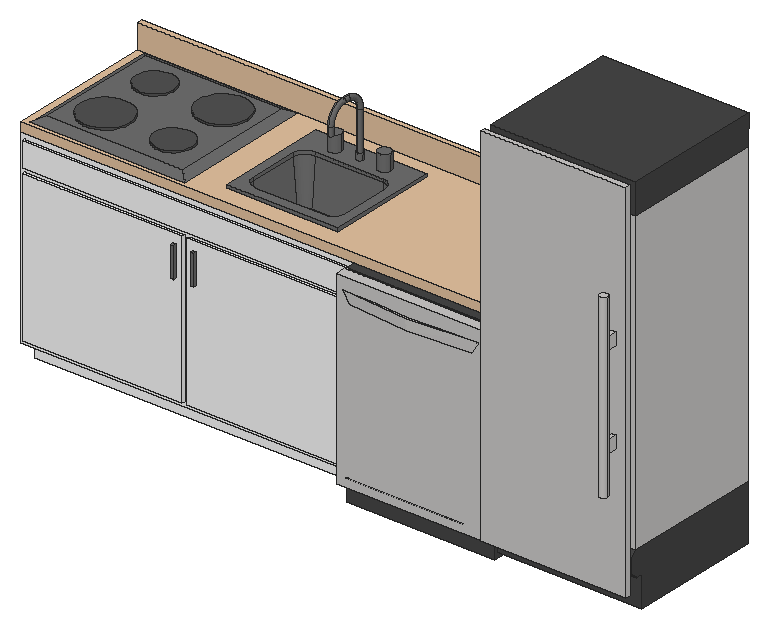
Revit family "Kitchenette - Medium", category Specialty Equipment, Revit 2023
Family settings
  Round Connector Dimension = Use Diameter
  Part Type = Normal
  OmniClass Number = 23.40.35.17.47.11
  OmniClass Title = Kitchen Casework
  Work Plane-Based = No
  Enable Cutting in Views = No
  Always vertical = Yes
  Cut with Voids When Loaded = No
  Maintain Annotation Orientation = No
  Shared = Yes
  Room Calculation Point = No
Parameters
  Sink Opening Depth = 1' - 2"
  Sink Location To Wall = 0' - 6"
  Sink Location = 3' - 4"
  Default Elevation = 0' - 0"
  Counter Thickness = 0' - 1 1/2"
  Counter Length = 6' - 6"
  Cabinet Width = 4' - 6"
  Cabinet Height = 2' - 10"
  Cabinet Depth = 2' - 0 1/2"
  Assembly Code = "E1090400"
  Cabinet Material = Cabinets
  Door/Drawer Material = Cabinets
  Handle Material = Cabinets - Handles
  Toe Depth = 0' - 3"
  Toe Height = 0' - 3 1/2"
Reference planes (in)
  plane 1 "Back": y = 0
  plane 2: z = 0
  plane 3 "Center": x = 0.7377
  plane 4 "Left": x = -26.2623
  plane 5 "Right": x = 27.7377
  plane 6 "Front": y = -24.5
  plane 7 "Top": z = 34
  plane 8: y = -21.5
  plane 9: z = 3.5
  plane 10: z = 33.25
  plane 11: z = 4.25
  plane 12: x = -25.5123
  plane 13: x = 26.9877
  plane 14: z = 29.25
  plane 15: z = 28.5
  plane 16: z = 27
  plane 17: z = 23
  plane 18: x = -0.6373
  plane 19: x = -1.1373
  plane 20: x = 0.3627
  plane 21: x = 1.1127
  plane 22: x = 2.1127
  plane 23: x = 2.6127
  plane 24: x = 51.7377
  plane 25: y = -25.5
  plane 26: y = -12.25
  plane 27: x = -12.7623
  plane 28: y = -6
  plane 29: y = -20
  plane 30: x = 13.7377
  plane 31: z = 35.5
Forms (in)
  Extrusion 1, solid, material "Cabinets" <- "Cabinet Material"
    sketch origin (0, 0, 0) x (1, 0, 0) y (0, 1, 0)
      loop
        line (-26.2623, 0) -> (-26.2623, -21.5) -> (27.7377, -21.5) -> (27.7377, 0) -> (-26.2623, 0)
    from 0 to 3.5
  Sweep 2, solid, material "Cabinets" <- "Cabinet Material"
    path origin (0, 0, 0) x (1, 0, 0) y (0, 1, 0)
      loop
        line (27.7377, 0) -> (-26.2623, 0) -> (-26.2623, -24.5) -> (27.7377, -24.5) -> (27.7377, 0)
    profile origin (0, -12.25, 0) x (1, 0, 0) y (0, 0, 1)
      loop
        line (27.7377, 3.5) -> (27.7377, 34) -> (26.9877, 34) -> (26.9877, 3.5) -> (27.7377, 3.5)
  Extrusion 3, solid, material "Cabinets" <- "Cabinet Material"
    sketch origin (0, 0, 0) x (1, 0, 0) y (0, 1, 0)
      loop
        line (-25.5123, -0.75) -> (-25.5123, -23.75) -> (26.9877, -23.75) -> (26.9877, -0.75) -> (-25.5123, -0.75)
    from 4.25 to 3.5
  Extrusion 4, solid, material "Cabinets" <- "Door/Drawer Material"
    sketch origin (0, -24.5, 0) x (1, 0, 0) y (0, 0, 1)
      loop
        line (-25.5123, 28.5) -> (-25.5123, 4.25) -> (0.3627, 4.25) -> (0.3627, 28.5) -> (-25.5123, 28.5)
      loop
        line (1.1127, 28.5) -> (1.1127, 4.25) -> (26.9877, 4.25) -> (26.9877, 28.5) -> (1.1127, 28.5)
      loop
        line (-25.5123, 33.25) -> (-25.5123, 29.25) -> (26.9877, 29.25) -> (26.9877, 33.25) -> (-25.5123, 33.25)
    from 0 to 0.5
  Extrusion 5, solid, material "Cabinets - Handles" <- "Handle Material"
    sketch origin (0, -24.5, 0) x (1, 0, 0) y (0, 0, 1)
      loop
        line (-1.1373, 27) -> (-1.1373, 22.08937) -> (-0.6373, 22.08937) -> (-0.6373, 27) -> (-1.1373, 27)
      loop
        line (2.1127, 27) -> (2.1127, 22.08937) -> (2.6127, 22.08937) -> (2.6127, 27) -> (2.1127, 27)
    from 0.5 to 1
Cuts and joins
  joined: Extrusion 1, Sweep 2
Lines and regions (in)
  model lines
    curve 1: line (26.9877, -24.5, 29.25) -> (-25.5123, -24.5, 29.25)
    curve 2: line (26.9877, -24.5, 33.25) -> (26.9877, -24.5, 29.25)
    curve 3: line (-25.5123, -24.5, 33.25) -> (26.9877, -24.5, 33.25)
    curve 4: line (-25.5123, -24.5, 29.25) -> (-25.5123, -24.5, 33.25)
    curve 5: line (26.9877, -24.5, 4.25) -> (1.1127, -24.5, 4.25)
    curve 6: line (26.9877, -24.5, 28.5) -> (26.9877, -24.5, 4.25)
    curve 7: line (-25.5123, -24.5, 28.5) -> (0.3627, -24.5, 28.5)
    curve 8: line (-25.5123, -24.5, 4.25) -> (-25.5123, -24.5, 28.5)
    curve 9: line (-1.1373, -24.5, 27) -> (-0.6373, -24.5, 27)
    curve 10: line (-1.1373, -24.5, 23) -> (-1.1373, -24.5, 27)
    curve 11: line (-0.6373, -24.5, 23) -> (-1.1373, -24.5, 23)
    curve 12: line (-0.6373, -24.5, 27) -> (-0.6373, -24.5, 23)
    curve 13: line (1.1127, -24.5, 4.25) -> (1.1127, -24.5, 28.5)
    curve 14: line (0.3627, -24.5, 4.25) -> (0.3627, -24.5, 28.5)
    curve 15: line (2.6127, -24.5, 27) -> (2.1127, -24.5, 27)
    curve 16: line (2.6127, -24.5, 23) -> (2.6127, -24.5, 27)
    curve 17: line (2.1127, -24.5, 23) -> (2.6127, -24.5, 23)
    curve 18: line (2.1127, -24.5, 27) -> (2.1127, -24.5, 23)
    curve 19: line (1.1127, -24.5, 28.5) -> (26.9877, -24.5, 28.5)
    curve 20: line (0.3627, -24.5, 4.25) -> (-25.5123, -24.5, 4.25)
  symbolic lines, style "Elevation Swing"
    curve 21: line (0.3627, -24.5, 28.5) -> (-25.5123, -24.5, 16.375)
    curve 22: line (0.3627, -24.5, 4.25) -> (-25.5123, -24.5, 16.375)
    curve 23: line (1.1127, -24.5, 4.25) -> (26.9877, -24.5, 16.375)
    curve 24: line (26.9877, -24.5, 16.375) -> (1.1127, -24.5, 28.5)
Dimensions and locks (in)
  "Cabinet Depth": plane 6 "Front" to plane 1 "Back"
  "Cabinet Width": plane 4 "Left" to plane 5 "Right"
  equal spacing: plane 4 "Left", plane 3 "Center", plane 5 "Right"
  "Cabinet Height": level to plane 7 "Top"
  "Toe Height": plane 2 to plane 9
  "Toe Depth": plane 6 "Front" to plane 8
  locked: plane 4 "Left" to plane 12 at 0.75
  locked: plane 13 to plane 5 "Right" at 0.75
  locked: plane 7 "Top" to plane 10 at 0.75
  plane 11 to plane 9 = 0' - 0 3/4"
  plane 10 to plane 14 to plane 15 = 0' - 4" locked, 0' - 0 3/4" locked
  plane 15 to plane 16 to plane 17 = 0' - 1 1/2" locked, 0' - 4" locked
  plane 21 to plane 3 "Center" to plane 20 = 0' - 0 3/8" locked, 0' - 0 3/8" locked
  plane 20 to plane 18 to plane 19 = 0' - 1" locked, 0' - 0 1/2" locked
  plane 21 to plane 22 to plane 23 = 0' - 1" locked, 0' - 0 1/2" locked
  "Counter Length": plane 4 "Left" to plane 24
  locked: plane 25 to plane 6 "Front" at 1
  equal spacing: plane 6 "Front", plane 26, plane 1 "Back"
  equal spacing: plane 4 "Left", plane 27, plane 3 "Center"
  equal spacing: plane 15, curve 22, plane 11
  equal spacing: plane 15, curve 24, plane 11
  "Sink Location To Wall": plane 28 to plane 1 "Back"
  "Sink Opening Depth": plane 28 to plane 29
  "Sink Location": plane 4 "Left" to plane 30
  "Counter Thickness": plane 31 to plane 7 "Top"
  aligned and locked: plane 1 "Back" to Extrusion 1 sketch curve
  aligned and locked: Extrusion 1 sketch curve to plane 5 "Right"
  aligned and locked: Extrusion 1 sketch curve to plane 8
  aligned and locked: plane 4 "Left" to Extrusion 1 sketch curve
  aligned and locked: Extrusion 1 to level
  aligned and locked: Sweep 2 sketch curve to plane 6 "Front"
  aligned and locked: plane 1 "Back" to Sweep 2 sketch curve
  aligned and locked: Sweep 2 sketch curve to plane 5 "Right"  (x2)
  aligned and locked: plane 4 "Left" to Sweep 2 sketch curve
  aligned and locked: plane 7 "Top" to Sweep 2 sketch curve
  aligned and locked: Sweep 2 sketch curve to plane 9
  aligned and locked: Sweep 2 to Extrusion 3 sketch curve  (x2)
  aligned and locked: Extrusion 3 sketch curve to Sweep 2  (x2)
  aligned and locked: Extrusion 3 to plane 11
  aligned and locked: Extrusion 3 to plane 9
  aligned and locked: Extrusion 1 to plane 9
  aligned and locked: nested 1 to plane 4 "Left"
  aligned and locked: plane 24 to nested 1
  aligned and locked: plane 5 "Right" to nested 3
  aligned and locked: nested 2 to plane 24
  aligned and locked: curve 7 to curve 21
  aligned and locked: curve 22 to curve 20
  aligned and locked: curve 5 to curve 23
  aligned and locked: plane 13 to curve 23
  aligned and locked: curve 24 to curve 19
  aligned and locked: plane 7 "Top" to nested 1
  aligned and locked: plane 26 to nested 5
  aligned and locked: plane 27 to nested 5
  aligned and locked: plane 1 "Back" to nested 1
  aligned and locked: plane 30 to nested 4
  aligned and locked: nested 4 to plane 29
  aligned and locked: nested 3 to plane 1 "Back"
  aligned and locked: nested 5 to plane 31
  aligned and locked: nested 4 to plane 31
  aligned and locked: plane 1 "Back" to nested 2
Automatic sketch dimensions
  profile plane to Sweep 2 sketch curve = 0' - 0 3/4"
  curve 2 to plane 10 = 0' - 0"
  curve 2 to plane 13 = 0' - 0"
  curve 16 to plane 16 = 0' - 0"
  curve 16 to plane 23 = 0' - 0"
  curve 18 to plane 17 = 0' - 0"
  curve 18 to plane 22 = 0' - 0"
  curve 19 to plane 15 = 0' - 0"
  curve 19 to plane 21 = 0' - 0"
  curve 14 to plane 15 = 0' - 0"
  curve 14 to plane 20 = 0' - 0"
  curve 11 to plane 17 = 0' - 0"
  curve 11 to plane 18 = 0' - 0"
  curve 11 to plane 19 = 0' - 0"
  curve 8 to plane 12 = 0' - 0"
  curve 4 to plane 12 = 0' - 0"
  curve 2 to plane 14 = 0' - 0"
  curve 10 to plane 16 = 0' - 0"
  curve 5 to plane 11 = 0' - 0"
  curve 8 to plane 11 = 0' - 0"
  Extrusion 4 sketch curve to plane 11 = 0' - 0"  (x2)
  Extrusion 4 sketch curve to plane 12 = 0' - 0"  (x2)
  Extrusion 4 sketch curve to plane 15 = 0' - 0"  (x2)
  Extrusion 4 sketch curve to plane 20 = 0' - 0"
  Extrusion 4 sketch curve to plane 21 = 0' - 0"
  Extrusion 4 sketch curve to plane 10 = 0' - 0"
  Extrusion 4 sketch curve to plane 13 = 0' - 0"  (x2)
  Extrusion 4 sketch curve to plane 14 = 0' - 0"
  Extrusion 5 sketch curve to plane 19 = 0' - 0"
  Extrusion 5 sketch curve to plane 18 = 0' - 0"
  Extrusion 5 sketch curve to plane 16 = 0' - 0"  (x2)
  Extrusion 5 sketch curve to plane 22 = 0' - 0"
  Extrusion 5 sketch curve to plane 23 = 0' - 0"
  plane 17 to Extrusion 5 sketch curve = 0' - 0.91063"  (x2)
  Sweep 2 to curve 6 = 0' - 0 3/4"
  curve 21 to plane 12 = 0' - 0"
  curve 22 to plane 20 = 0' - 0"
  curve 21 to plane 20 = 0' - 0"
  curve 24 to plane 21 = 0' - 0"
  curve 23 to plane 21 = 0' - 0"
Nested families (in)
  nested 1: "Counter Top w Sink Hole" at (21, 0, -0.5), Length <- "Counter Length", Sink Location <- "Sink Location", Sink Location To Wall <- "Sink Location To Wall", Sink Opening Depth <- "Sink Opening Depth", Depth <- "Cabinet Depth", type "24" Depth"
    with Sink Opening Depth 1' - 2", Sink Location To Wall 0' - 6", Length 6' - 6", Sink Location 3' - 4", Sink Opening Width 1' - 4", built-in parameter 1010003 2' - 0 1/2"
  nested 2: "Refrigerator" at (63.4877, 0, 0), type "24" x 25" LH"
    with Handle Centerline 1' - 9 1/2", Depth 2' - 0 3/4", Height 5' - 3 1/2", Width 1' - 11 1/2"
  nested 3: "Dishwasher" at (39.7377, 0, 0), type "24" x 24" x 34""
    with Depth 2' - 0", Height 2' - 10", Width 2' - 0"
  nested 4: "Sink Kitchen-Island" at (13.12002, -12.59234, -0.5), type "18" x 18""
  nested 5: "Cook Top-4 Unit2" at (-12.7623, -12.25, 0.06693) x (-1, 0, 0) z (0, 0, 1), type "22" x 20""
Connectors (in)
  piping at (9.7377, -5.75, 36), diameter 0.25
    settings: on nested 4, index 1, connector inside diameter 24", connector length 0' - 0", flow factor 0, pipe flow 0 GPM, pressure drop 8.00 psi, fitting loss kfactor 0, connector angle 0.00°, fixture units 3, engagement length 0' - 0", angle of deflection 0.00°, flow configuration 3, flow direction 1, fitting loss method 4, system type 19, joint type 0, gender type 0, connector reference index -1, connector utility 0, adjustable connector no, is connector primary yes, connector description ""
  piping at (17.7377, -5.75, 36), diameter 0.25
    settings: on nested 4, index 2, connector inside diameter 24", connector length 0' - 0", flow factor 0, pipe flow 0 GPM, pressure drop 8.00 psi, fitting loss kfactor 0, connector angle 0.00°, fixture units 3, engagement length 0' - 0", angle of deflection 0.00°, flow configuration 3, flow direction 1, fitting loss method 4, system type 20, joint type 0, gender type 0, connector reference index -1, connector utility 0, adjustable connector no, is connector primary no, connector description ""
Definition of nested family "Counter Top w Sink Hole"
  Parameters (values of type "24" Depth")
    Default Elevation = 0' - 0"
    Assembly Code = "C1030400"
    Counter Thickness = 0' - 1 1/2"
    Counter Top Material = none
    Depth [instance] = 2' - 1"
    Height = 3' - 0"
    Length [instance] = 8' - 0"
    Sink Location [instance] = 2' - 0"
    Sink Location To Wall [instance] = 0' - 6"
    Sink Opening Depth [instance] = 1' - 3"
    Sink Opening Width [instance] = 2' - 3"
  Types (3): name | Counter Thickness | Depth | Height | Length | Sink Location | Sink Location To Wall | Sink Opening Depth | Sink Opening Width
    24" Depth | 0' - 1 1/2" | 2' - 1" | 3' - 0" | 8' - 0" | 2' - 0" | 0' - 6" | 1' - 3" | 2' - 3"
    Counter Top w Sink Hole | 0' - 1 1/2" | 2' - 1" | 3' - 0" | 8' - 0" | 2' - 0" | 0' - 6" | 1' - 3" | 2' - 3"
    0600mm Depth | 0' - 1 9/16" | 2' - 0 19/32" | 2' - 11 7/16" | 8' - 2 7/16" | 3' - 11 1/4" | 0' - 3 15/16" | 1' - 2 7/8" | 1' - 11 1/8"
  Reference planes (in)
    plane 1 "Back": y = 0
    plane 2: z = 0
    plane 3 "Left": x = -47.2623
    plane 4 "Right": x = 48.7377
    plane 5 "Front": y = -25
    plane 6 "Top": z = 36
    plane 7 "Top Of Cabinet": z = 34.5
    plane 8: y = -0.75
    plane 9: z = 40
    plane 10: x = -23.2623
    plane 11: y = -6
    plane 12: x = -9.7623
    plane 13: y = -21
    plane 14: x = -36.7623
    plane 15: y = -5.5
    plane 16: x = -9.2623
    plane 17: y = -21.5
    plane 18: x = -37.2623
  Forms (in)
    Extrusion 1, solid, material <- "Counter Top Material"
      sketch origin (0, 0, 0) x (1, 0, 0) y (0, 1, 0)
        loop
          line (-47.2623, 0) -> (-47.2623, -25) -> (48.7377, -25) -> (48.7377, 0) -> (-47.2623, 0)
      from 34.5 to 36
    Extrusion 2, solid, material <- "Counter Top Material"
      sketch origin (0, 0, 0) x (1, 0, 0) y (0, 1, 0)
        loop
          line (48.7377, 0) -> (-47.2623, 0) -> (-47.2623, -0.75) -> (48.7377, -0.75) -> (48.7377, 0)
      from 36 to 40
    Extrusion 3, void
      sketch origin (0, 0, 0) x (1, 0, 0) y (0, 1, 0)
        loop
          arc (-35.2623, -5.5) -> (-36.67651, -6.08579) -> (-37.2623, -7.5) r 2
          line (-37.2623, -7.5) -> (-37.2623, -19.5)
          arc (-37.2623, -19.5) -> (-36.67651, -20.91421) -> (-35.2623, -21.5) r 2
          line (-35.2623, -21.5) -> (-11.2623, -21.5)
          arc (-11.2623, -21.5) -> (-9.84808, -20.91421) -> (-9.2623, -19.5) r 2
          line (-9.2623, -19.5) -> (-9.2623, -7.5)
          arc (-9.2623, -7.5) -> (-9.84808, -6.08579) -> (-11.2623, -5.5) r 2
          line (-11.2623, -5.5) -> (-35.2623, -5.5)
      from 34.5 to 36
  Cuts and joins
    Extrusion 3 cuts Extrusion 1
    Extrusion 3 cuts Extrusion 2
    joined: Extrusion 1, Extrusion 2
  Lines and regions (in)
    Masking region 1
      outline origin (0, 0, 34.5) x (0, -1, 0) y (1, 0, 0)
        loop
          line (0, -47.2623) -> (25, -47.2623) -> (25, 48.7377) -> (0, 48.7377) -> (0, -47.2623)
    symbolic lines
      curve 1: line (-47.2623, -0.75, 34.5) -> (48.7377, -0.75, 34.5)
      curve 2: line (-34.7623, -6, 34.5) -> (-11.7623, -6, 34.5)
      curve 3: line (-36.7623, -19, 34.5) -> (-36.7623, -8, 34.5)
      curve 4: line (-11.7623, -21, 34.5) -> (-34.7623, -21, 34.5)
      curve 5: line (-9.7623, -8, 34.5) -> (-9.7623, -19, 34.5)
      curve 6: arc (-36.7623, -8, 34.5) -> (-36.17651, -6.58579, 34.5) -> (-34.7623, -6, 34.5) r 2
      curve 7: arc (-11.7623, -6, 34.5) -> (-10.34808, -6.58579, 34.5) -> (-9.7623, -8, 34.5) r 2
      curve 8: arc (-9.7623, -19, 34.5) -> (-10.34808, -20.41421, 34.5) -> (-11.7623, -21, 34.5) r 2
      curve 9: arc (-34.7623, -21, 34.5) -> (-36.17651, -20.41421, 34.5) -> (-36.7623, -19, 34.5) r 2
  Dimensions and locks (in)
    "Depth": plane 5 "Front" to plane 1 "Back"
    "Length": plane 3 "Left" to plane 4 "Right"
    "Height": level to plane 6 "Top"
    "Counter Thickness": plane 7 "Top Of Cabinet" to plane 6 "Top"
    locked: plane 8 to plane 1 "Back" at 0.75
    plane 6 "Top" to plane 9 = 0' - 4"
    "Sink Opening Width": plane 14 to plane 12
    "Sink Opening Depth": plane 13 to plane 11
    "Sink Location": plane 3 "Left" to plane 10
    equal spacing: plane 14, plane 10, plane 12
    "Sink Location To Wall": plane 11 to plane 1 "Back"
    locked: plane 11 to plane 15 at 0.5
    locked: plane 17 to plane 13 at 0.5
    locked: plane 18 to plane 14 at 0.5
    locked: plane 12 to plane 16 at 0.5
    aligned and locked: plane 1 "Back" to Extrusion 1 sketch curve
    aligned and locked: plane 4 "Right" to Extrusion 1 sketch curve
    aligned and locked: Extrusion 1 sketch curve to plane 5 "Front"
    aligned and locked: Extrusion 1 sketch curve to plane 3 "Left"
    aligned and locked: Extrusion 1 to plane 6 "Top"
    aligned and locked: Extrusion 1 to plane 7 "Top Of Cabinet"
    aligned and locked: Extrusion 2 sketch curve to plane 1 "Back"
    aligned and locked: plane 8 to Extrusion 2 sketch curve
    aligned and locked: Extrusion 2 sketch curve to plane 4 "Right"
    aligned and locked: plane 3 "Left" to Extrusion 2 sketch curve
    aligned and locked: Extrusion 2 to plane 9
    aligned and locked: plane 6 "Top" to Extrusion 2
    aligned and locked: Extrusion 3 to plane 6 "Top"
    aligned and locked: Extrusion 1 to Extrusion 3
    aligned and locked: Extrusion 3 sketch curve to plane 15
    aligned and locked: plane 16 to Extrusion 3 sketch curve
    aligned and locked: Extrusion 3 sketch curve to plane 17
    aligned and locked: Extrusion 3 sketch curve to plane 18
    aligned and locked: plane 4 "Right" to Masking region 1 sketch curve
    aligned and locked: Masking region 1 sketch curve to plane 5 "Front"
    aligned and locked: plane 1 "Back" to Masking region 1 sketch curve
    aligned and locked: Masking region 1 sketch curve to plane 3 "Left"
  Automatic sketch dimensions
    Extrusion 3 sketch curve to plane 14 = 0' - 1 1/2"  (x2)
    plane 11 to Extrusion 3 sketch curve = 0' - 1 1/2"
    plane 12 to Extrusion 3 sketch curve = 0' - 1 1/2"
    curve 1 to plane 4 "Right" = 0' - 0"
    curve 1 to plane 8 = 0' - 0"
    curve 1 to plane 3 "Left" = 0' - 0"
    curve 7 to plane 11 = 0' - 0"
    curve 3 to plane 14 = 0' - 0"
    curve 7 to plane 12 = 0' - 0"
    curve 8 to plane 13 = 0' - 0"
    curve 2 to curve 7 = 0' - 2"
    plane 11 to curve 3 = 0' - 2"
    curve 5 to plane 13 = 0' - 2"
    curve 9 to plane 13 = 0' - 2"
Definition of nested family "Refrigerator"
  Parameters (values of type "18" LH")
    Width = 1' - 6"
    Wall Offset = 0' - 4"
    Voltage = 120 V
    URL = ""
    Type Comments = ""
    Show Label = yes
    RH = no
    Power Consumption = 1000 VA
    Model = ""
    Mechanical Finish = none
    Manufacturer = ""
    Label = "Refrigerator"
    LH = not(RH)  # yes
    Keynote = ""
    Gasket = none
    Height = 7' - 0"
    Handle Centerline = if(RH, 0' 2", (Width - 0' 2"))  # 1' - 4"
    Description = "Refrigerator"
    Depth = 2' - 0"
    Default Elevation = 0' - 0"
    Cost = 0
    Assembly Code = "E1090320"
    Appliance Finish = none
    Amperage = Power Consumption / Voltage  # 8.33333 A
  Reference planes (in)
    plane 1 "Back": y = 0
    plane 2: z = 0
    plane 3 "Center (Left/Right)": x = 0
    plane 4 "Left": x = -9
    plane 5 "Right": x = 9
    plane 6: y = -4
    plane 7 "Front": y = -28
    plane 8 "Door Back": y = -26
    plane 9 "Top": z = 84
    plane 10 "B.O. Door": z = 4
    plane 11: z = 79
    plane 12: x = 7
    plane 13: z = 68.5
    plane 14: z = 19
    plane 15 "Door Interior Bottom": z = 10
  Forms (in)
    Extrusion 1, solid, material <- "Appliance Finish"
      sketch origin (0, 0, 0) x (1, 0, 0) y (0, 1, 0)
        loop
          line (-9, -4) -> (-9, -26) -> (9, -26) -> (9, -4) -> (-9, -4)
      from 10 to 79
    Extrusion 2, solid, material <- "Appliance Finish", detail levels fine
      sketch origin (0, -28, 0) x (-1, 0, 0) y (0, 0, 1)
        loop
          line (-6.625, 62.5) -> (-7.375, 62.5) -> (-7.375, 60.5) -> (-6.625, 60.5) -> (-6.625, 62.5)
        loop
          line (-6.625, 27) -> (-7.375, 27) -> (-7.375, 25) -> (-6.625, 25) -> (-6.625, 27)
      from -1.67554 to 0
    Extrusion 3, solid, material <- "Appliance Finish", detail levels fine
      sketch origin (0, 0, 0) x (1, 0, 0) y (0, 1, 0)
        loop
          circle (7, -30.01473) r 0.625
      from 19 to 68.5
    Extrusion 4, solid, material <- "Appliance Finish"
      sketch origin (0, -28, 0) x (-1, 0, 0) y (0, 0, 1)
        loop
          line (9, 84) -> (-9, 84) -> (-9, 4) -> (9, 4) -> (9, 84)
      from 0 to 0.75
    Extrusion 5, solid, material <- "Mechanical Finish"
      sketch origin (0, 0, 0) x (0, 1, 0) y (0, 0, 1)
        loop
          line (-4, 10) -> (-26, 10) -> (-26.75, 9.25) -> (-26.75, 6.875) -> (-25.875, 6) -> (-24.75, 6) -> (-24.75, 1) -> (-4, 1) -> (-4, 10)
        loop
          line (-4, 84) -> (-26, 84) -> (-26, 79) -> (-4, 79) -> (-4, 84)
      from -9 to 9
    Extrusion 6, solid, material <- "Gasket"
      sketch origin (0, 0, 10) x (-1, 0, 0) y (0, -1, 0)
        loop
          line (8.5, 27.25) -> (-8.5, 27.25) -> (-8.5, 27.0625)
          arc (-8.5, 27.0625) -> (-8.48169, 27.01831) -> (-8.4375, 27) r 0.0625
          line (-8.4375, 27) -> (-8.3125, 27)
          arc (-8.3125, 27) -> (-8.26831, 26.98169) -> (-8.25, 26.9375) r 0.0625
          line (-8.25, 26.9375) -> (-8.25, 26.3125)
          arc (-8.25, 26.3125) -> (-8.23169, 26.26831) -> (-8.1875, 26.25) r 0.0625
          line (-8.1875, 26.25) -> (-8, 26.25)
          arc (-8, 26.25) -> (-8.125, 26.125) -> (-8, 26) r 0.125
          line (-8, 26) -> (8, 26)
          arc (8, 26) -> (8.125, 26.125) -> (8, 26.25) r 0.125
          line (8, 26.25) -> (8.1875, 26.25)
          arc (8.1875, 26.25) -> (8.23169, 26.26831) -> (8.25, 26.3125) r 0.0625
          line (8.25, 26.3125) -> (8.25, 26.9375)
          arc (8.25, 26.9375) -> (8.26831, 26.98169) -> (8.3125, 27) r 0.0625
          line (8.3125, 27) -> (8.4375, 27)
          arc (8.4375, 27) -> (8.48169, 27.01831) -> (8.5, 27.0625) r 0.0625
          line (8.5, 27.0625) -> (8.5, 27.25)
      from 0 to 69
  Cuts and joins
    joined: Extrusion 2, Extrusion 3
  Lines and regions (in)
    Split face 1
      outline origin (-9, -4, 0) x (1, 0, 0) y (0, 0, -1)
        loop
          circle (9, -19) r 0.5
    Masking region 1
      outline origin (0, 0, 0) x (1, 0, 0) y (0, 1, 0)
        loop
          line (-9, -4) -> (-9, -28) -> (9, -28) -> (9, -4) -> (-9, -4)
    Masking region 2, detail levels fine
      outline origin (0, 0, 0) x (1, 0, 0) y (0, 1, 0)
        loop
          line (7.375, -29.51473) -> (7.375, -28) -> (6.625, -28) -> (6.625, -29.51473)
          arc (6.625, -29.51473) -> (6.44098, -29.73522) -> (6.375, -30.01473) r 0.625
          arc (6.375, -30.01473) -> (7, -30.63973) -> (7.625, -30.01473) r 0.625
          arc (7.625, -30.01473) -> (7.55902, -29.73522) -> (7.375, -29.51473) r 0.625
    Split face 2
      outline origin (-9, -4, 0) x (1, 0, 0) y (0, 0, -1)
        loop
          circle (9, -68.5) r 0.5
    symbolic lines, visible <- "LH", detail levels medium+fine
      curve 1: arc (9, -28, 0) -> (3.72792, -40.72792, 0) -> (-9, -46, 0) r 18
      curve 2: line (-9, -28, 0) -> (-9, -46, 0)
    symbolic lines, visible <- "RH", detail levels medium+fine
      curve 3: arc (-9, -28, 0) -> (-3.72792, -40.72792, 0) -> (9, -46, 0) r 18
      curve 4: line (9, -46, 0) -> (9, -28, 0)
    symbolic lines
      curve 5: line (-9, -4, 0) -> (9, -4, 0)
      curve 6: line (-9, -28, 0) -> (-9, -4, 0)
      curve 7: line (9, -28, 0) -> (-9, -28, 0)
      curve 8: line (9, -4, 0) -> (9, -28, 0)
      curve 9: line (-9, -26, 0) -> (9, -26, 0)
    symbolic lines, detail levels fine
      curve 10: arc (7.625, -30.01473, 0) -> (7, -29.38973, 0) -> (6.375, -30.01473, 0) r 0.625
      curve 11: arc (6.375, -30.01473, 0) -> (7, -30.63973, 0) -> (7.625, -30.01473, 0) r 0.625
      curve 12: line (7.375, -29.51473, 0) -> (7.375, -28, 0)
      curve 13: line (6.625, -28, 0) -> (6.625, -29.51473, 0)
  Dimensions and locks (in)
    equal spacing: plane 4 "Left", plane 3 "Center (Left/Right)", plane 5 "Right"
    "Width": plane 4 "Left" to plane 5 "Right"
    "Depth": plane 6 to plane 7 "Front"
    "Wall Offset": plane 1 "Back" to plane 6
    "Height": plane 9 "Top" to level
    plane 10 "B.O. Door" to level = 0' - 4"
    locked: plane 8 "Door Back" to plane 7 "Front" at 2
    plane 9 "Top" to plane 11 = 0' - 5"
    locked: plane 11 to plane 13 at 10.5
    locked: plane 14 to plane 10 "B.O. Door" at 15
    Extrusion 2 sketch curve to plane 12 to Extrusion 2 sketch curve = 0' - 0 3/8" locked, 0' - 0 3/8" locked  (x2)
    plane 13 to Extrusion 2 sketch curve to Extrusion 2 sketch curve = 0' - 6" locked, 0' - 2" locked
    Extrusion 2 sketch curve to Extrusion 2 sketch curve to plane 14 = 0' - 2" locked, 0' - 6" locked
    locked: plane 7 "Front" to Extrusion 3 sketch curve at 2.01473
    "Handle Centerline": plane 4 "Left" to plane 12
    equal spacing: plane 6, nested 1, plane 8 "Door Back"
    locked: plane 15 "Door Interior Bottom" to level at 10
    Extrusion 5 sketch curve to plane 10 "B.O. Door" to Extrusion 5 sketch curve = 0' - 2" locked, 0' - 3" locked
    Extrusion 5 sketch curve to plane 8 "Door Back" to Extrusion 5 sketch curve = 0' - 1 1/4" locked, 0' - 0 3/4" locked
    "Width": radius of curve 3
    "Width": radius of curve 1
    aligned and locked: plane 2 to level
    aligned and locked: Extrusion 1 sketch curve to plane 6
    aligned and locked: plane 4 "Left" to Extrusion 1 sketch curve
    aligned and locked: plane 8 "Door Back" to Extrusion 1 sketch curve
    aligned and locked: Extrusion 1 sketch curve to plane 5 "Right"
    aligned and locked: plane 7 "Front" to Extrusion 2
    aligned and locked: plane 12 to Extrusion 3 sketch curve
    aligned and locked: Extrusion 3 to plane 14
    aligned and locked: plane 13 to Extrusion 3
    aligned and locked: plane 3 "Center (Left/Right)" to Split face 1 sketch curve
    aligned and locked: plane 13 to cut or joined group of Extrusion 2, Extrusion 3
    aligned and locked: plane 4 "Left" to Extrusion 4 sketch curve
    aligned and locked: Extrusion 4 sketch curve to plane 5 "Right"
    aligned and locked: plane 10 "B.O. Door" to Extrusion 4 sketch curve
    aligned and locked: plane 3 "Center (Left/Right)" to nested 1
    aligned and locked: Masking region 1 sketch curve to plane 5 "Right"
    aligned and locked: Masking region 1 sketch curve to plane 6
    aligned and locked: plane 4 "Left" to Masking region 1 sketch curve
    aligned and locked: plane 7 "Front" to Masking region 1 sketch curve
    aligned and locked: Masking region 2 sketch curve to cut or joined group of Extrusion 2, Extrusion 3  (x5)
    aligned and locked: Masking region 2 sketch curve to plane 7 "Front"
    aligned and locked: Extrusion 4 sketch curve to plane 9 "Top"
    aligned and locked: plane 14 to Split face 1 sketch curve
    aligned and locked: Extrusion 1 to plane 15 "Door Interior Bottom"
    aligned and locked: plane 6 to Extrusion 5 sketch curve  (x2)
    aligned and locked: plane 15 "Door Interior Bottom" to Extrusion 5 sketch curve
    aligned and locked: plane 5 "Right" to Extrusion 5
    aligned and locked: Extrusion 5 to plane 4 "Left"
    aligned and locked: plane 11 to Extrusion 1
    aligned and locked: plane 9 "Top" to Extrusion 5 sketch curve
    aligned and locked: Extrusion 5 sketch curve to Extrusion 1  (x2)
    aligned and locked: plane 11 to Extrusion 6
  Automatic sketch dimensions
    Extrusion 5 sketch curve to plane 8 "Door Back" = 0' - 0"
    plane 8 "Door Back" to Extrusion 5 sketch curve = 0' - 0 1/8"
    Extrusion 5 sketch curve to Extrusion 5 sketch curve = 0' - 0 7/8"
    Extrusion 5 sketch curve to plane 15 "Door Interior Bottom" = 0' - 0 3/4"
    Extrusion 6 sketch curve to plane 8 "Door Back" = 0' - 0"
    Extrusion 6 sketch curve to plane 5 "Right" = 0' - 0 1/2"
    Extrusion 6 sketch curve to Extrusion 6 sketch curve = 0' - 0 1/16"  (x6)
    Extrusion 6 sketch curve to Extrusion 6 sketch curve = 0' - 0 1/8"  (x2)
    Extrusion 6 sketch curve to plane 8 "Door Back" = 0' - 0 5/16"
    Extrusion 6 sketch curve to Extrusion 6 sketch curve = 0' - 0 3/16"  (x3)
    Extrusion 6 sketch curve to plane 8 "Door Back" = 0' - 0 1/8"
    plane 4 "Left" to Extrusion 6 sketch curve = 0' - 1"
    Extrusion 6 sketch curve to Extrusion 6 sketch curve = 0' - 0 5/8"  (x2)
    Split face 2 sketch curve to Extrusion 1 = 0' - 9"
    Split face 2 sketch curve to Extrusion 1 = 0' - 10 1/2"
    curve 10 to curve 11 = 0' - 0"  (x2)
    curve 1 to plane 4 "Left" = 0' - 0"
    curve 13 to plane 7 "Front" = 0' - 0"
    curve 11 to plane 12 = 0' - 0"
    curve 9 to plane 8 "Door Back" = 0' - 0"
    curve 5 to plane 6 = 0' - 0"
    curve 11 to plane 7 "Front" = 0' - 2.01473"
    curve 11 to curve 10 = 0' - 0 5/8"
    curve 13 to plane 12 = 0' - 0 3/8"
    plane 12 to curve 12 = 0' - 0 3/8"
    radius of Extrusion 3 sketch curve = 0' - 0 5/8"
    radius of Split face 1 sketch curve = 0' - 0 1/2"
    radius of Split face 2 sketch curve = 0' - 0 1/2"
  Nested families (in)
    nested 1: "Label Annotation 3-32" at (0, -15, 0), visible <- "Show Label", type "Label Annotation 3-32"
  Connectors (in)
    piping at (0, -4, 19), diameter 0.25
      settings: on Extrusion 1, index 2, connector inside diameter 24", connector length 0' - 0", flow factor 0, pipe flow 0 GPM, pressure drop 0.00 psi, fitting loss kfactor 0, connector angle 0.00°, fixture units 1, engagement length 0' - 0", angle of deflection 0.00°, flow configuration 3, flow direction 1, fitting loss method 0, system type 20, joint type 0, gender type 0, connector reference index -1, connector utility 0, adjustable connector no, is connector primary yes, connector description "Ice - Water Supply"
    electrical at (0, -4, 68.5), driven by "Voltage", driven by "Power Consumption"
      settings: on Extrusion 1, index 3, voltage 120 V, apparent load 1000 VA, apparent load phase1 0 VA, apparent load phase2 0 VA, apparent load phase3 0 VA, power factor 1, load classification none, number of poles 1, system type 30, power factor state 1, is connector primary yes, connector utility no, sub classification motor no, connector description "Refrigerator Power"
  Definition of nested family "Label Annotation 3-32"
    Parameters
      Label = "Freezer 36 LH"
    Reference planes (in)
      plane 1: y = 0
      plane 2: x = 0
    Text (in)
      label "Label" at (0.00375, -0.00345, 0), shows "Label"
Definition of nested family "Dishwasher"
  Parameters (values of type "24"")
    Width = 1' - 11 3/4"
    Wall Offset = 0' - 4"
    Voltage = 120 V
    Show Label = yes
    Power Consumption = 500 VA
    Label = "DW"
    Height = 2' - 9 1/2"
    Gasket = none
    Description = "Dishwasher"
    Depth = 2' - 0 5/8"
    Default Elevation = 0' - 0"
    Assembly Code = "E1090320"
    Appliance Finish = none
    Appliance Body = none
    Amperage = Power Consumption / Voltage  # 4.16667 A
  Reference planes (in)
    plane 1 "Back": y = 0
    plane 2: z = 0
    plane 3 "Center (Left/Right)": x = 0
    plane 4 "Left": x = -11.875
    plane 5 "Right": x = 11.875
    plane 6: y = -4
    plane 7 "Front": y = -28.625
    plane 8 "Door Back": y = -26.625
    plane 9 "B.O. Door": z = 3.5
    plane 10 "Top": z = 33.5
    plane 11: z = 31.5
  Forms (in)
    Extrusion 1, solid, material <- "Appliance Body"
      sketch origin (0, 0, 0) x (1, 0, 0) y (0, 1, 0)
        loop
          line (-11.875, -4) -> (-11.875, -26.625) -> (11.875, -26.625) -> (11.875, -4) -> (-11.875, -4)
      from 0 to 33.5
    Extrusion 2, solid, material <- "Appliance Finish"
      sketch origin (0, -28.625, 0) x (-1, 0, 0) y (0, 0, 1)
        loop
          line (11.875, 33.5) -> (-11.875, 33.5) -> (-11.875, 3.5) -> (11.875, 3.5) -> (11.875, 33.5)
      from 0 to 1.75
    Sweep 3, solid, material <- "Gasket", detail levels fine
      path in 3D
        loop
          line (11.875, -26.875, 33.5) -> (11.875, -26.875, 3.5) -> (-11.875, -26.875, 3.5) -> (-11.875, -26.875, 33.5) -> (11.875, -26.875, 33.5)
      profile origin (0, -26.875, 33.5) x (0, 1, 0) y (0, 0, 1)
        loop
          arc (0.25, -0.125) -> (0.125, 0) -> (0, -0.125) r 0.125
          line (0, -0.125) -> (0, -0.25) -> (0.25, -0.25) -> (0.25, -0.125)
  Lines and regions (in)
    Split face 1
      outline origin (-11.875, -4, 0) x (1, 0, 0) y (0, 0, -1)
        loop
          circle (17.75, -26.125) r 2
    Split face 2
      outline origin (-11.875, -4, 0) x (1, 0, 0) y (0, 0, -1)
        loop
          circle (11.875, -3.5) r 1
    Masking region 1
      outline origin (0, 0, 0) x (1, 0, 0) y (0, 1, 0)
        loop
          line (-11.875, -4) -> (-11.875, -28.625) -> (11.875, -28.625) -> (11.875, -4) -> (-11.875, -4)
    Split face 3
      outline origin (-11.875, -4, 0) x (1, 0, 0) y (0, 0, -1)
        loop
          circle (6.07499, -23.4812) r 2
    symbolic lines
      curve 1: line (-11.875, -28.625, 0) -> (-11.875, -4, 0)
      curve 2: line (11.875, -28.625, 0) -> (-11.875, -28.625, 0)
      curve 3: line (11.875, -4, 0) -> (11.875, -28.625, 0)
      curve 4: line (-11.875, -4, 0) -> (11.875, -4, 0)
      curve 5: line (-11.875, -26.625, 0) -> (11.875, -26.625, 0)
    sketch lines
      curve 6: line (-11.875, -26.875, 33.5) -> (11.875, -26.875, 33.5)
      curve 7: line (11.875, -26.875, 33.5) -> (11.875, -26.875, 3.5)
      curve 8: line (11.875, -26.875, 3.5) -> (-11.875, -26.875, 3.5)
      curve 9: line (-11.875, -26.875, 3.5) -> (-11.875, -26.875, 33.5)
    symbolic lines, detail levels medium+fine
      curve 10: arc (0, -28.625, 33.5) -> (0, -48.48972, 24.02305) -> (0, -56.4411, 3.5) r 29.81715
      curve 11: line (0, -56.4411, 3.5) -> (0, -28.625, 3.5)
  Dimensions and locks (in)
    equal spacing: plane 4 "Left", plane 3 "Center (Left/Right)", plane 5 "Right"
    "Width": plane 4 "Left" to plane 5 "Right"
    "Depth": plane 6 to plane 7 "Front"
    "Wall Offset": plane 1 "Back" to plane 6
    "Height": plane 10 "Top" to level
    plane 9 "B.O. Door" to level = 0' - 3 1/2"
    locked: plane 8 "Door Back" to plane 7 "Front" at 2
    locked: plane 5 "Right" to Split face 1 sketch curve at 6
    equal spacing: plane 6, nested 1, plane 8 "Door Back"
    locked: plane 10 "Top" to Sweep 3 sketch curve at 0.25
    locked: plane 8 "Door Back" to Sweep 3 sketch curve at 0.25
    locked: plane 10 "Top" to plane 11 at 2
    aligned and locked: plane 2 to level
    aligned and locked: Extrusion 1 sketch curve to plane 6
    aligned and locked: plane 4 "Left" to Extrusion 1 sketch curve
    aligned and locked: plane 8 "Door Back" to Extrusion 1 sketch curve
    aligned and locked: Extrusion 1 sketch curve to plane 5 "Right"
    aligned and locked: plane 3 "Center (Left/Right)" to Split face 2 sketch curve
    aligned and locked: plane 9 "B.O. Door" to Split face 2 sketch curve
    aligned and locked: plane 4 "Left" to Extrusion 2 sketch curve
    aligned and locked: Extrusion 2 sketch curve to plane 5 "Right"
    aligned and locked: plane 9 "B.O. Door" to Extrusion 2 sketch curve
    aligned and locked: curve 5 to plane 8 "Door Back"
    aligned and locked: plane 3 "Center (Left/Right)" to nested 1
    aligned and locked: Masking region 1 sketch curve to plane 6
    aligned and locked: plane 4 "Left" to Masking region 1 sketch curve
    aligned and locked: Masking region 1 sketch curve to plane 5 "Right"
    aligned and locked: Extrusion 2 sketch curve to plane 10 "Top"
    aligned and locked: plane 3 "Center (Left/Right)" to nested 2
    aligned and locked: plane 11 to nested 2
    aligned and locked: plane 7 "Front" to Masking region 1 sketch curve
    aligned and locked: plane 8 "Door Back" to Sweep 3 sketch curve
    aligned and locked: plane 10 "Top" to Extrusion 1
  Automatic sketch dimensions
    Sweep 3 sketch curve to Sweep 3 sketch curve = 0' - 0 1/8"
    Split face 1 sketch curve to Extrusion 1 = 0' - 7 3/8"
    curve 3 to plane 5 "Right" = 0' - 0"
    curve 3 to plane 6 = 0' - 0"
    curve 1 to plane 4 "Left" = 0' - 0"
    curve 1 to plane 7 "Front" = 0' - 0"
    curve 11 to plane 7 "Front" = 0' - 0"
    curve 10 to plane 8 "Door Back" = 0' - 0"
    plane 9 "B.O. Door" to curve 10 = 0' - 0 1/4"
    curve 10 to plane 7 "Front" = 0' - 0"
    curve 10 to plane 10 "Top" = 0' - 0"
    curve 10 to plane 9 "B.O. Door" = 0' - 0"
    Split face 3 sketch curve to Extrusion 1 = 0' - 6.07499"
    Split face 3 sketch curve to Extrusion 1 = 0' - 10.0188"
    radius of Split face 1 sketch curve = 0' - 2"
    radius of Split face 2 sketch curve = 0' - 1"
    radius of Split face 3 sketch curve = 0' - 2"
  Nested families (in)
    nested 1: "Label Annotation 3-32" at (0, -15.3125, 0), visible <- "Show Label", type "Label Annotation 3-32"
    nested 2: "Handle" at (0, -28.625, 31.5) x (0, 0, 1) z (0, -1, 0), type "Handle"
  Connectors (in)
    electrical at (5.875, -4, 26.125), driven by "Voltage", driven by "Power Consumption"
      settings: on Extrusion 1, index 1, voltage 120 V, apparent load 500 VA, apparent load phase1 0 VA, apparent load phase2 0 VA, apparent load phase3 0 VA, power factor 1, load classification none, number of poles 1, system type 30, power factor state 1, is connector primary yes, connector utility no, sub classification motor no, connector description "Dishwasher Power"
    piping at (0, -4, 3.5), diameter 0.5
      settings: on Extrusion 1, index 2, connector inside diameter 24", connector length 0' - 0", flow factor 0, pipe flow 0 GPM, pressure drop 0.00 psi, fitting loss kfactor 0, connector angle 0.00°, fixture units 1, engagement length 0' - 0", angle of deflection 0.00°, flow configuration 3, flow direction 1, fitting loss method 0, system type 19, joint type 0, gender type 0, connector reference index -1, connector utility 0, adjustable connector no, is connector primary yes, connector description "Dishwasher - Water Supply"
    piping at (-5.80001, -4, 23.4812), diameter 1
      settings: on Extrusion 1, index 3, connector inside diameter 24", connector length 0' - 0", flow factor 0, pipe flow 0 GPM, pressure drop 0.00 psi, fitting loss kfactor 0, connector angle 0.00°, fixture units 1, engagement length 0' - 0", angle of deflection 0.00°, flow configuration 3, flow direction 2, fitting loss method 0, system type 16, joint type 0, gender type 0, connector reference index -1, connector utility 0, adjustable connector yes, is connector primary no, connector description "Dishwasher - Drain"
  Definition of nested family "Handle"
    Parameters (values of type "Handle")
      Material = none
      Height = 1' - 10"
      Default Elevation = 4' - 0"
    Reference planes (in)
      plane 1 "Center (Front/Back)": y = 0
      plane 2: z = 0
      plane 3 "Center (Left/Right)": x = 0
      plane 4: y = 11
      plane 5: y = -11
      plane 6: x = -1.75
      plane 7: y = 10
      plane 8: y = -10
      plane 9: z = 1.75
    Forms (in)
      Blend 1, solid, material <- "Material", detail levels fine
        base sketch origin (0, 0, 0) x (0, 1, 0) y (0, 0, 1)
          loop
            line (-11, 0) -> (-7, 0)
            arc (-7, 0) -> (0, 0.48043) -> (7, 0) r 51.23595
            line (7, 0) -> (11, 0)
            arc (11, 0) -> (0, 0.88695) -> (-11, 0) r 68.65481
        top sketch origin (0, 0, 0) x (0, 1, 0) y (0, 0, 1)
          loop
            line (-10, 0) -> (-7, 0)
            arc (-7, 0) -> (0, 0.48043) -> (7, 0) r 51.23595
            line (7, 0) -> (10, 0)
            arc (10, 0) -> (0, 0.8387) -> (-10, 0) r 60.03513
        from 0 to -1.75
    Lines and regions (in)
      Masking region 1, detail levels fine
        outline origin (0, 0, 0) x (0, 1, 0) y (0, 0, 1)
          loop
            arc (11, 0) -> (0, 0.88695) -> (-11, 0) r 68.65481
            line (-11, 0) -> (-7, 0)
            arc (-7, 0) -> (0, 0.48043) -> (7, 0) r 51.23595
            line (7, 0) -> (11, 0)
    Dimensions and locks (in)
      locked: plane 6 to plane 3 "Center (Left/Right)" at 1.75
      equal spacing: plane 4, plane 1 "Center (Front/Back)", plane 5
      "Height": plane 4 to plane 5
      locked: plane 8 to plane 5 at 1
      locked: plane 4 to plane 7 at 1
      plane 9 to level = 0' - 1 3/4"
      aligned and locked: level to plane 2
      aligned and locked: Blend 1 to plane 6
      aligned and locked: plane 3 "Center (Left/Right)" to Blend 1
      aligned and locked: Masking region 1 sketch curve to Blend 1  (x4)
    Automatic sketch dimensions
      Blend 1 sketch curve to plane 8 = 0' - 0"
      Blend 1 sketch curve to level = 0' - 0"  (x4)
      Blend 1 sketch curve to plane 1 "Center (Front/Back)" = 0' - 0"  (x4)
      Blend 1 sketch curve to level = 4' - 2.75552"  (x2)
      Blend 1 sketch curve to Blend 1 sketch curve = 0' - 8.44091"
      plane 8 to Blend 1 sketch curve = 0' - 3"  (x2)
      Blend 1 sketch curve to plane 5 = 0' - 0"
      Blend 1 sketch curve to Blend 1 sketch curve = 1' - 5.01234"
  Definition of nested family "Label Annotation 3-32"
    Parameters
      Label = "Freezer 36 LH"
    Reference planes (in)
      plane 1: y = 0
      plane 2: x = 0
    Text (in)
      label "Label" at (0.00375, -0.00345, 0), shows "Label"
Definition of nested family "Sink Kitchen-Island"
  Parameters (values of type "18" x 18"")
    Default Elevation = 0' - 0"
    Assembly Code = "D2010410"
    Counter Height = 3' - 0"
    Depth = 1' - 6"
    Faucet Material = none
    Sink Material = none
    Width = 1' - 6"
  Reference planes (in)
    plane 1 "Center (Front/Back)": y = 0.09234
    plane 2: z = 0
    plane 3 "Center (Left/Right)": x = 0.61769
    plane 4: y = 9.09234
    plane 5: y = -8.90766
    plane 6: x = -8.38231
    plane 7: x = 9.61769
    plane 8 "Top Of Counter": z = 36
    plane 9: z = 36.5
    plane 10: z = 27.5
    plane 11: y = 4.59234
    plane 12: x = -6.88231
    plane 13: y = -7.40766
    plane 14: x = 8.11769
    plane 15: x = -3.38231
    plane 16: x = 4.61769
    plane 17: y = 6.84234
    plane 18: y = 6.84234
    plane 19: y = 6.84234
    plane 20: z = 46.375
    plane 21: y = 0.96734
    plane 22: z = 39
    plane 23: z = 37.5
  Forms (in)
    Extrusion 1, solid, material <- "Sink Material"
      sketch origin (0, 0, 0) x (1, 0, 0) y (0, 1, 0)
        loop
          line (-8.38231, 9.09234) -> (-8.38231, -8.90766) -> (9.61769, -8.90766) -> (9.61769, 9.09234) -> (-8.38231, 9.09234)
        loop
          arc (-4.88231, 4.59234) -> (-6.29653, 4.00655) -> (-6.88231, 2.59234) r 2
          line (-6.88231, 2.59234) -> (-6.88231, -5.40766)
          arc (-6.88231, -5.40766) -> (-6.29653, -6.82187) -> (-4.88231, -7.40766) r 2
          line (-4.88231, -7.40766) -> (6.11769, -7.40766)
          arc (6.11769, -7.40766) -> (7.5319, -6.82187) -> (8.11769, -5.40766) r 2
          line (8.11769, -5.40766) -> (8.11769, 2.59234)
          arc (8.11769, 2.59234) -> (7.5319, 4.00655) -> (6.11769, 4.59234) r 2
          line (6.11769, 4.59234) -> (-4.88231, 4.59234)
      from 36 to 36.5
    Sweep 2, solid, material <- "Sink Material"
      path origin (0, 0, 0) x (1, 0, 0) y (0, 1, 0)
        loop
          arc (-4.88231, 4.59234) -> (-6.29653, 4.00655) -> (-6.88231, 2.59234) r 2
          line (-6.88231, 2.59234) -> (-6.88231, -5.40766)
          arc (-6.88231, -5.40766) -> (-6.29653, -6.82187) -> (-4.88231, -7.40766) r 2
          line (-4.88231, -7.40766) -> (6.11769, -7.40766)
          arc (6.11769, -7.40766) -> (7.5319, -6.82187) -> (8.11769, -5.40766) r 2
          line (8.11769, -5.40766) -> (8.11769, 2.59234)
          arc (8.11769, 2.59234) -> (7.5319, 4.00655) -> (6.11769, 4.59234) r 2
          line (6.11769, 4.59234) -> (-4.88231, 4.59234)
      profile origin (0.61769, 0, 0) x (0, 1, 0) y (0, 0, 1)
        loop
          line (4.59234, 36) -> (3.94139, 28.55963)
          arc (3.94139, 28.55963) -> (3.70094, 28.07204) -> (3.19424, 27.875) r 0.75
          line (3.19424, 27.875) -> (3.09234, 27.875) -> (3.09234, 27.5) -> (4.84234, 27.5) -> (4.84234, 36) -> (4.59234, 36)
    Extrusion 3, solid, material <- "Sink Material"
      sketch origin (0, 0, 0) x (1, 0, 0) y (0, 1, 0)
        loop
          arc (-4.88231, 3.09234) -> (-5.23587, 2.94589) -> (-5.38231, 2.59234) r 0.5
          line (-5.38231, 2.59234) -> (-5.38231, -5.40766)
          arc (-5.38231, -5.40766) -> (-5.23587, -5.76121) -> (-4.88231, -5.90766) r 0.5
          line (-4.88231, -5.90766) -> (6.11769, -5.90766)
          arc (6.11769, -5.90766) -> (6.47124, -5.76121) -> (6.61769, -5.40766) r 0.5
          line (6.61769, -5.40766) -> (6.61769, 2.59234)
          arc (6.61769, 2.59234) -> (6.47124, 2.94589) -> (6.11769, 3.09234) r 0.5
          line (6.11769, 3.09234) -> (-4.88231, 3.09234)
        loop
          circle (0.61769, 0) r 1
      from 27.5 to 27.875
    Extrusion 4, solid, material <- "Faucet Material"
      sketch origin (0, 0, 0) x (1, 0, 0) y (0, 1, 0)
        loop
          circle (-3.38231, 6.84234) r 1
        loop
          circle (4.61769, 6.84234) r 1
      from 36.5 to 39
    Sweep 5, solid, material <- "Faucet Material"
      path origin (0.61769, 0, 0) x (0, 1, 0) y (0, 0, 1)
        loop
          line (6.84234, 36.5) -> (6.84234, 43.875)
          arc (6.84234, 43.875) -> (6.11011, 45.64277) -> (4.34234, 46.375) r 2.5
          line (4.34234, 46.375) -> (3.46734, 46.375)
          arc (3.46734, 46.375) -> (1.69957, 45.64277) -> (0.96734, 43.875) r 2.5
          line (0.96734, 43.875) -> (0.96734, 42.5)
      profile origin (0.61769, 0, 40.1875) x (0, -1, 0) y (1, 0, 0)
        loop
          circle (-6.84234, 0) r 0.375
    Extrusion 6, solid, material <- "Faucet Material"
      sketch origin (0, 0, 0) x (1, 0, 0) y (0, 1, 0)
        loop
          circle (0.61769, 6.84234) r 0.5
      from 36.5 to 37.5
  Cuts and joins
    joined: Sweep 5, Extrusion 6
    joined: Extrusion 1, Sweep 2
  Lines and regions (in)
    Masking region 1
      outline origin (0, 0, 36) x (0, -1, 0) y (1, 0, 0)
        loop
          line (-9.09234, -8.38231) -> (8.90766, -8.38231) -> (8.90766, 9.61769) -> (-9.09234, 9.61769) -> (-9.09234, -8.38231)
    symbolic lines
      curve 1: arc (1.61769, 0, 36) -> (0.61769, 1, 36) -> (-0.38231, 0, 36) r 1
      curve 2: arc (-0.38231, 0, 36) -> (0.61769, -1, 36) -> (1.61769, 0, 36) r 1
      curve 3: line (-6.88231, 2.59234, 36) -> (-6.88231, -5.40766, 36)
      curve 4: line (-4.88231, -7.40766, 36) -> (6.11769, -7.40766, 36)
      curve 5: line (8.11769, -5.40766, 36) -> (8.11769, 2.59234, 36)
      curve 6: line (6.11769, 4.59234, 36) -> (1.11769, 4.59234, 36)
      curve 7: arc (8.11769, 2.59234, 36) -> (7.5319, 4.00655, 36) -> (6.11769, 4.59234, 36) r 2
      curve 8: arc (6.11769, -7.40766, 36) -> (7.5319, -6.82187, 36) -> (8.11769, -5.40766, 36) r 2
      curve 9: arc (-6.88231, -5.40766, 36) -> (-6.29653, -6.82187, 36) -> (-4.88231, -7.40766, 36) r 2
      curve 10: arc (1.11769, 6.84234, 36) -> (0.61769, 7.34234, 36) -> (0.11769, 6.84234, 36) r 0.5
      curve 11: line (0.11769, 6.84234, 36) -> (0.11769, 2.09234, 36)
      curve 12: line (1.11769, 6.84234, 36) -> (1.11769, 2.09234, 36)
      curve 13: arc (1.11769, 2.09234, 36) -> (0.61769, 1.59234, 36) -> (0.11769, 2.09234, 36) r 0.5
      curve 14: line (0.11769, 4.59234, 36) -> (-4.88231, 4.59234, 36)
      curve 15: arc (-2.38231, 6.84234, 36) -> (-3.38231, 7.84234, 36) -> (-4.38231, 6.84234, 36) r 1
      curve 16: arc (-4.38231, 6.84234, 36) -> (-3.38231, 5.84234, 36) -> (-2.38231, 6.84234, 36) r 1
      curve 17: arc (5.61769, 6.84234, 36) -> (4.61769, 7.84234, 36) -> (3.61769, 6.84234, 36) r 1
      curve 18: arc (3.61769, 6.84234, 36) -> (4.61769, 5.84234, 36) -> (5.61769, 6.84234, 36) r 1
      curve 19: arc (-6.88231, 2.59234, 36) -> (-6.29653, 4.00655, 36) -> (-4.88231, 4.59234, 36) r 2
  Dimensions and locks (in)
    equal spacing: plane 6, plane 3 "Center (Left/Right)", plane 7
    "Width": plane 6 to plane 7
    equal spacing: plane 5, plane 1 "Center (Front/Back)", plane 4
    "Depth": plane 5 to plane 4
    "Counter Height": plane 8 "Top Of Counter" to plane 2
    locked: plane 9 to plane 8 "Top Of Counter" at 0.5
    locked: plane 8 "Top Of Counter" to plane 10 at 8.5
    locked: plane 6 to plane 12 at 1.5
    locked: plane 14 to plane 7 at 1.5
    locked: plane 11 to plane 4 at 4.5
    locked: plane 5 to plane 13 at 1.5
    equal spacing: plane 11, plane 17, plane 4
    equal spacing: plane 11, plane 18, plane 4
    equal spacing: plane 4, plane 19, plane 11
    locked: plane 19 to plane 21 at 5.875
    locked: plane 20 to plane 9 at 9.875
    locked: plane 22 to plane 9 at 2.5
    locked: plane 23 to plane 9 at 1
    locked: plane 15 to plane 3 "Center (Left/Right)" at 4
    locked: plane 3 "Center (Left/Right)" to plane 16 at 4
    radius of Extrusion 4 sketch curve = 0' - 1"  (x2)
    aligned and locked: Extrusion 1 sketch curve to plane 5
    aligned and locked: plane 7 to Extrusion 1 sketch curve
    aligned and locked: plane 4 to Extrusion 1 sketch curve
    aligned and locked: Extrusion 1 sketch curve to plane 6
    aligned and locked: plane 8 "Top Of Counter" to Extrusion 1
    aligned and locked: Extrusion 1 to plane 9
    aligned and locked: plane 11 to Extrusion 1 sketch curve
    aligned and locked: plane 14 to Extrusion 1 sketch curve
    aligned and locked: Extrusion 1 sketch curve to plane 12
    aligned and locked: Extrusion 1 sketch curve to plane 13
    aligned and locked: plane 11 to Sweep 2 sketch curve
    aligned and locked: plane 14 to Sweep 2 sketch curve
    aligned and locked: Sweep 2 sketch curve to plane 12
    aligned and locked: Sweep 2 sketch curve to plane 13
    aligned and locked: Sweep 2 to Extrusion 3 sketch curve  (x4)
    aligned and locked: Sweep 2 to Extrusion 3
    aligned and locked: plane 10 to Extrusion 3
    aligned and locked: Sweep 2 sketch curve to plane 10
    aligned and locked: plane 8 "Top Of Counter" to Sweep 2 sketch curve
    aligned and locked: Extrusion 4 to Extrusion 1
    aligned and locked: Extrusion 6 to Extrusion 1
    aligned and locked: Sweep 5 sketch curve to plane 19
    aligned and locked: plane 20 to Sweep 5 sketch curve
    aligned and locked: plane 21 to Sweep 5 sketch curve
    aligned and locked: Extrusion 4 to plane 22
    aligned and locked: Extrusion 6 to plane 23
    aligned and locked: Masking region 1 sketch curve to plane 6
    aligned and locked: plane 4 to Masking region 1 sketch curve
    aligned and locked: plane 7 to Masking region 1 sketch curve
    aligned and locked: Masking region 1 sketch curve to plane 5
    aligned and locked: plane 15 to Extrusion 4 sketch curve
    aligned and locked: plane 17 to Extrusion 4 sketch curve  (x2)
    aligned and locked: plane 16 to Extrusion 4 sketch curve
    aligned and locked: curve 15 to Extrusion 4
    aligned and locked: curve 17 to Extrusion 4
    aligned and locked: curve 19 to cut or joined group of Extrusion 1, Sweep 2
  Automatic sketch dimensions
    Sweep 2 sketch curve to plane 12 = 0' - 2"
    Sweep 2 sketch curve to Sweep 2 sketch curve = 0' - 2"
    plane 11 to Sweep 2 sketch curve = 0' - 2"
    plane 14 to Sweep 2 sketch curve = 0' - 2"
    Extrusion 1 sketch curve to plane 12 = 0' - 2"  (x2)
    plane 14 to Extrusion 1 sketch curve = 0' - 2"  (x2)
    Extrusion 3 sketch curve to plane 3 "Center (Left/Right)" = 0' - 0"
    Extrusion 3 sketch curve to Extrusion 3 sketch curve = 0' - 0 1/2"  (x4)
    plane 1 "Center (Front/Back)" to Extrusion 3 sketch curve = 0' - 0.09234"
    Extrusion 3 sketch curve to plane 3 "Center (Left/Right)" = 0' - 1"
    Sweep 2 sketch curve to profile plane = 0' - 0"
    profile plane to Sweep 2 sketch curve = 0' - 0.65095"
    Sweep 2 sketch curve to Sweep 2 sketch curve = 0' - 0.74715"
    Sweep 2 sketch curve to Sweep 2 sketch curve = 0' - 0.10191"
    Sweep 2 sketch curve to profile plane = 0' - 0 1/4"
    Sweep 2 sketch curve to Sweep 2 sketch curve = 0' - 0 3/8"
    Sweep 2 sketch curve to Sweep 2 sketch curve = 0' - 0.68463"
    Sweep 5 sketch curve to plane 3 "Center (Left/Right)" = 0' - 0"
    Sweep 5 sketch curve to profile plane = 0' - 0"
    profile plane to Sweep 5 sketch curve = 0' - 0 3/8"
    Extrusion 6 sketch curve to plane 18 = 0' - 0"
    Extrusion 6 sketch curve to plane 3 "Center (Left/Right)" = 0' - 0"
    Extrusion 6 sketch curve to plane 3 "Center (Left/Right)" = 0' - 0 1/2"
    Sweep 5 sketch curve to plane 9 = 0' - 0"
    Sweep 5 sketch curve to Sweep 5 sketch curve = 0' - 2 1/2"
    plane 11 to Sweep 5 sketch curve = 0' - 0 1/4"
    Sweep 5 sketch curve to Sweep 5 sketch curve = 0' - 1 3/8"
    curve 10 to plane 3 "Center (Left/Right)" = 0' - 0"
    curve 7 to plane 11 = 0' - 0"
    curve 5 to plane 14 = 0' - 0"
    curve 1 to plane 3 "Center (Left/Right)" = 0' - 0"
    curve 4 to plane 13 = 0' - 0"
    plane 4 to curve 10 = 0' - 2 1/4"
    plane 11 to curve 5 = 0' - 2"
    curve 11 to plane 3 "Center (Left/Right)" = 0' - 0 1/2"
    curve 11 to plane 1 "Center (Front/Back)" = 0' - 2"
    plane 1 "Center (Front/Back)" to curve 1 = 0' - 0.09234"
    curve 9 to plane 13 = 0' - 2"
    curve 8 to plane 13 = 0' - 2"
    curve 1 to plane 3 "Center (Left/Right)" = 0' - 1"
  Connectors (in)
    piping at (0.61769, 0, 27.5), diameter 0.75
      settings: on Extrusion 3, index 1, connector inside diameter 24", connector length 0' - 0", flow factor 0, pipe flow 0 GPM, pressure drop 8.00 psi, fitting loss kfactor 0, connector angle 0.00°, fixture units 3, engagement length 0' - 0", angle of deflection 0.00°, flow configuration 3, flow direction 2, fitting loss method 4, system type 16, joint type 0, gender type 0, connector reference index -1, connector utility 0, adjustable connector no, is connector primary yes, connector description ""
Definition of nested family "Cook Top-4 Unit2"
  Parameters
    Default Elevation = 0' - 0"
    Burner Material = none
    Cooktop Material = none
    Depth = 1' - 8"
    Width = 1' - 10"
    Assembly Code = ""
  Reference planes (in)
    plane 1 "Center (Front/Back)": y = 0
    plane 2: z = 35.43307
    plane 3 "Center (Left/Right)": x = 0
    plane 4: x = -11
    plane 5: x = 11
    plane 6: y = 10
    plane 7: y = -10
    plane 8: y = 5
    plane 9: y = -5
    plane 10: x = -5.5
    plane 11: x = 5.5
  Forms (in)
    Blend 1, solid, material <- "Cooktop Material"
      base sketch origin (0, 0, 0) x (1, 0, 0) y (0, 1, 0)
        loop
          line (-12.5, 11.5) -> (-12.5, -11.5) -> (12.5, -11.5) -> (12.5, 11.5) -> (-12.5, 11.5)
      top sketch origin (0, 0, 0) x (1, 0, 0) y (0, 1, 0)
        loop
          line (-11, 10) -> (-11, -10) -> (11, -10) -> (11, 10) -> (-11, 10)
      from 35.43307 to 36.14173
    Extrusion 2, solid, material <- "Burner Material"
      sketch origin (0, 0, 36.14173) x (-1, 0, 0) y (0, -1, 0)
        loop
          circle (5.5, -5) r 3.01523
        loop
          circle (-5.5, 5) r 3
        loop
          circle (-5.5, -5) r 4
      from 0 to 0.25
    Extrusion 3, solid, material <- "Burner Material"
      sketch origin (0, 0, 36.14173) x (-1, 0, 0) y (0, -1, 0)
        loop
          circle (5.5, 5) r 4
      from 0 to 0.25
  Lines and regions (in)
    symbolic lines
      curve 1: line (-12.5, 11.5, 0) -> (12.5, 11.5, 0)
      curve 2: line (-12.5, -11.5, 0) -> (-12.5, 11.5, 0)
      curve 3: line (12.5, -11.5, 0) -> (-12.5, -11.5, 0)
      curve 4: line (12.5, 11.5, 0) -> (12.5, -11.5, 0)
      curve 5: line (-11, 10, 0) -> (11, 10, 0)
      curve 6: line (-11, -10, 0) -> (-11, 10, 0)
      curve 7: line (11, -10, 0) -> (-11, -10, 0)
      curve 8: line (11, 10, 0) -> (11, -10, 0)
      curve 9: line (-3.5, 5, 0) -> (-1.5, 5, 0)
      curve 10: line (-7.5, 5, 0) -> (-9.5, 5, 0)
      curve 11: line (-5.5, 7, 0) -> (-5.5, 9, 0)
      curve 12: arc (-2.48477, 5, 0) -> (-5.5, 8.01523, 0) -> (-8.51523, 5, 0) r 3.01523
      curve 13: arc (-8.51523, 5, 0) -> (-5.5, 1.98477, 0) -> (-2.48477, 5, 0) r 3.01523
      curve 14: line (-7.5, -5, 0) -> (-10.5, -5, 0)
      curve 15: line (-5.5, -7, 0) -> (-5.5, -10, 0)
      curve 16: line (7.5, -5, 0) -> (9.5, -5, 0)
      curve 17: line (5.5, -7, 0) -> (5.5, -9, 0)
      curve 18: arc (5.5, -2, 0) -> (8.5, -5, 0) -> (5.5, -8, 0) r 3
      curve 19: arc (5.5, -2, 0) -> (2.5, -5, 0) -> (5.5, -8, 0) r 3
      curve 20: arc (9.5, 5, 0) -> (5.5, 9, 0) -> (1.5, 5, 0) r 4
      curve 21: arc (1.5, 5, 0) -> (5.5, 1, 0) -> (9.5, 5, 0) r 4
      curve 22: line (-5.5, 3, 0) -> (-5.5, 1, 0)
      curve 23: line (2.5, 5, 0) -> (-0.5, 5, 0)
      curve 24: line (3.5, -5, 0) -> (0.5, -5, 0)
      curve 25: line (-3.5, -5, 0) -> (-0.5, -5, 0)
      curve 26: line (-5.5, -3, 0) -> (-5.5, 0.00591, 0)
      curve 27: line (5.5, -3, 0) -> (5.5, -1, 0)
      curve 28: line (5.5, 3, 0) -> (5.5, 0, 0)
      curve 29: line (5.5, 7, 0) -> (5.5, 10, 0)
      curve 30: line (7.5, 5, 0) -> (10.5, 5, 0)
